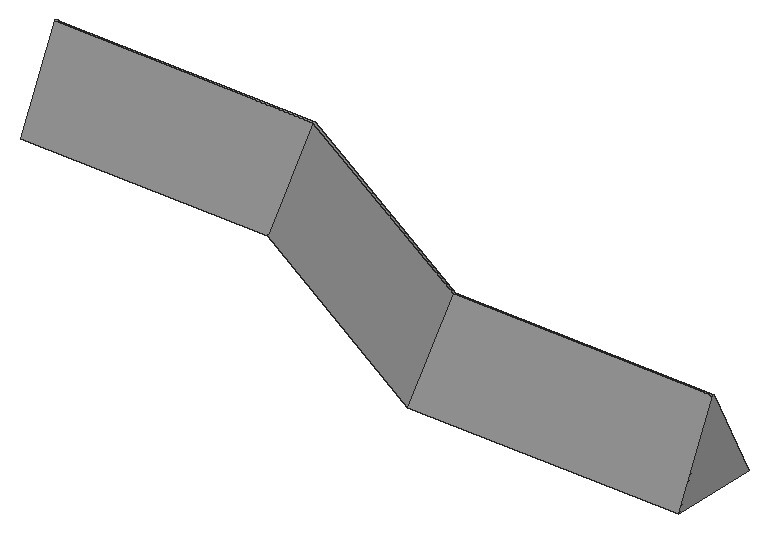
Revit family "Armeret_BetonZig-Zag_90mm_p_i_t_1131122", category Generic Models, Revit 2019
Family settings
  Can host rebar = No
  Round Connector Dimension = Use Diameter
  Part Type = Normal
  Work Plane-Based = Yes
  Always vertical = No
  Cut with Voids When Loaded = No
  Shared = No
  Room Calculation Point = No
Parameters (values of type "90 mm")
  concrete = Concrete
  Website Link = "https://haucon.dk/produkt/armeret-beton-zig-zag/#variations"
  Total Length = 800 mm
  Technical Data Sheet = "https://haucon.dk/wp-content/uploads/2016/04/1131090-Beton-zig-zag-TDS-DK.pdf"
  Default Elevation = 1219.2 mm
  Armerment width = 90 mm
  Armerment Height = Armerment width  # 90 mm
Types (13, lengths in mm): name | Armerment width | Armerment Height
  35 mm | 35 | 35
  55 mm | 55 | 55
  40 mm | 40 | 40
  45 mm | 45 | 45
  50 mm | 50 | 50
  60 mm | 60 | 60
  25 mm | 25 | 25
  30 mm | 30 | 30
  70 mm | 70 | 70
  75 mm | 75 | 75
  80 mm | 80 | 80
  90 mm | 90 | 90
  100 mm | 100 | 100
Reference planes
  plane 1 "Center (Front/Back)": y = 0
  plane 2: z = 0
  plane 3 "Center (Left/Right)": x = 0
  plane 4: y = 45
  plane 5: y = -45
  plane 6: z = 90
  plane 7: x = 266.667
  plane 8: x = 533.333
  plane 9: x = 800
Forms (mm)
  Sweep 1, solid, material "Concrete" <- "concrete"
    path origin (135, 0, 0) x (1, 0, 0) y (0, 1, 0)
      loop
        line (-135, 0) -> (132.554, 0) -> (397.446, -149.776) -> (665, -149.776)
    profile origin (133.777, 0, 0) x (0, 1, 0) y (0, 0, 1)
      loop
        line (45, 0) -> (0.856, 89.544)
        arc (0.856, 89.544) -> (0, 89.98) -> (-0.856, 89.544) r 1.059
        line (-0.856, 89.544) -> (-45, 0) -> (45, 0)
Dimensions and locks
  equal spacing: plane 4, plane 1 "Center (Front/Back)", plane 5
  "Armerment width": plane 4 to plane 5
  "Armerment Height": level to plane 6
  "Total Length": plane 3 "Center (Left/Right)" to plane 9
  equal spacing: plane 3 "Center (Left/Right)", plane 7, plane 8, plane 9
  aligned and locked: level to plane 2
  aligned and locked: level to Sweep 1 sketch curve
  aligned and locked: plane 3 "Center (Left/Right)" to Sweep 1
  aligned and locked: plane 9 to Sweep 1 sketch curve
Automatic sketch dimensions
  plane 1 "Center (Front/Back)" to Sweep 1 sketch curve = 0 mm
  Sweep 1 sketch curve to plane 3 "Center (Left/Right)" = 0 mm
  Sweep 1 sketch curve to plane 7 = 0.887 mm
  plane 8 to Sweep 1 sketch curve = 0.887 mm
  plane 1 "Center (Front/Back)" to Sweep 1 sketch curve = 149.776 mm
  Sweep 1 sketch curve to plane 5 = 0 mm
  Sweep 1 sketch curve to profile plane = 0 mm
  Sweep 1 sketch curve to plane 4 = 0 mm
  plane 6 to Sweep 1 sketch curve = 0.456 mm  (x2)
  profile plane to Sweep 1 sketch curve = 0.856 mm
  Sweep 1 sketch curve to Sweep 1 sketch curve = 0.623 mm
